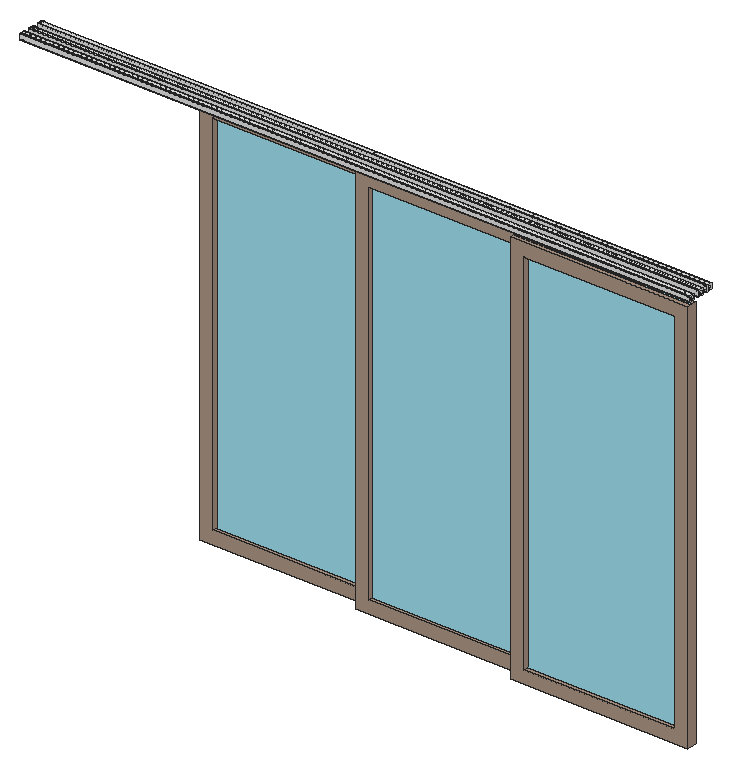
Revit family "Slido 3 Panel Slide SWW3 XRDLP", category Doors, host Wall, Revit 2016
Family settings
  Host = Wall
  Always vertical = Yes
  Cut with Voids When Loaded = No
  Shared = No
  Room Calculation Point = No
Parameters (values of type "78 1/2" x 94 3/8"")
  URL = "www.raydoor.com"
  Type Image = SWW3.jpg
  Trim GC [instance] = no
  Thickness = 2 1/4"  # constant formula
  Rough Width = 1"  # constant formula
  Rough Height = 1/2"  # constant formula
  Model = "SWW3"
  Function = Interior
  Door Material = Door - Panel
  Panel Material = Glass, Cast, Gray
  Height = 94 3/8"
  Trim Projection Ext = 63/64"  # constant formula
  Typ = 3"  # constant formula
  Wall Closure = By host
  Width = 116 1/2"
  Assembly Code = "SWW3 XRDLP"
Reference planes (in)
  plane 1: y = 0
  plane 2: z = 0
  plane 3: x = 0
  plane 4: x = -58.25
  plane 5: x = 58.25
  plane 6: z = 94.375
  plane 7: y = -5.4971
  plane 8: z = 93.1875
  plane 9: x = 55.25
  plane 10: x = 56.75
  plane 11: x = 17.25
  plane 12: x = 18.75
  plane 13: x = 20.25
  plane 14: x = -20.75
  plane 15: x = -19.25
  plane 16: x = -17.75
  plane 17: y = -8.24257
  plane 18: x = -57.25
  plane 19: y = -3.2471
  plane 20: x = -58.75
  plane 21: x = -55.75
  plane 22: x = -95.25
  plane 23: x = -96.75
  plane 24: x = -93.75
  plane 25: y = -10.49257
  plane 26: y = -5.7471
  plane 27: y = -7.9971
  plane 28: z = 92.375
Forms (in)
  Extrusion 1, solid, material "Door - Panel" <- "Door Material"
    sketch origin (-140.00001, -2.99773, 0.25) x (1, 0, 0) y (0, 0, 1)
      loop
        line (81.25001, 92.125) -> (81.25001, 0.5) -> (122.25001, 0.5) -> (122.25001, 92.125) -> (81.25001, 92.125)
      loop
        line (84.25001, 89.125) -> (84.25001, 3.5) -> (119.25001, 3.5) -> (119.25001, 89.125) -> (84.25001, 89.125)
    from 0.25101 to 2.49937
  Extrusion 2, solid, material "Glass, Cast, Gray" <- "Panel Material"
    sketch origin (-140.00001, -15.26431, 0.25) x (1, 0, 0) y (0, 0, 1)
      loop
        line (81.25001, 92.125) -> (81.25001, 1.375) -> (122.25001, 1.375) -> (122.25001, 92.125) -> (81.25001, 92.125)
    from -11.01557 to -10.76721
  Extrusion 3, solid, material "Door - Panel" <- "Door Material", visible <- "Trim GC"
    sketch origin (-72.24213, -3.10465, -17.28113) x (1, 0, 0) y (0, 0, 1)
      loop
        line (-24.50787, 108.40613) -> (130.49213, 108.40613) -> (130.49213, 111.65613) -> (-24.50787, 111.65613) -> (-24.50787, 108.40613)
    from 7.38792 to 7.63754
  Extrusion 4, solid, material "UHMW, White"
    sketch origin (0, 37.0452, -9.0893) x (0, 1, 0) y (0, 0, 1)
      loop
        line (-41.24257, 103.37055) -> (-41.24257, 103.28596) -> (-41.18329, 103.28596) -> (-41.18329, 103.37055) -> (-41.00941, 103.37055) -> (-41.00941, 103.24091) -> (-40.87505, 103.22916) -> (-40.87505, 102.36784) -> (-40.90667, 102.24985) -> (-41.12401, 102.23084) -> (-41.12401, 102.15084) -> (-40.9261, 102.15084)
        arc (-40.9261, 102.15084) -> (-40.88421, 102.17182) -> (-40.84232, 102.15084) r 0.0523
        arc (-40.84232, 102.15084) -> (-40.81517, 102.16209) -> (-40.80392, 102.18925) r 0.0384
        line (-40.80392, 102.18925) -> (-40.80392, 103.34523) -> (-40.84344, 103.34523)
        arc (-40.84344, 103.34523) -> (-40.90864, 103.30759) -> (-40.90864, 103.38288) r 0.04347
        line (-40.90864, 103.38288) -> (-40.90864, 103.4643) -> (-41.93215, 103.4643) -> (-41.93215, 103.38288)
        arc (-41.93215, 103.38288) -> (-41.93215, 103.30759) -> (-41.99735, 103.34523) r 0.04347
        line (-41.99735, 103.34523) -> (-42.03687, 103.34523) -> (-42.03687, 102.18925)
        arc (-42.03687, 102.18925) -> (-42.02562, 102.16209) -> (-41.99846, 102.15084) r 0.0384
        arc (-41.99846, 102.15084) -> (-41.95658, 102.17182) -> (-41.91469, 102.15084) r 0.0523
        line (-41.91469, 102.15084) -> (-41.71678, 102.15084) -> (-41.71678, 102.23084) -> (-41.93412, 102.24985) -> (-41.96574, 102.36784) -> (-41.96574, 103.22916) -> (-41.83138, 103.24091) -> (-41.83138, 103.37055) -> (-41.6575, 103.37055) -> (-41.6575, 103.28596) -> (-41.59822, 103.28596) -> (-41.59822, 103.37055) -> (-41.24257, 103.37055)
    from -96.75 to 58.25
  Extrusion 5, void
    sketch origin (-140.00001, -15.26431, -90.75) x (1, 0, 0) y (0, 0, 1)
      loop
        line (122.25001, 92.375) -> (81.25001, 92.375) -> (81.25001, 91.25) -> (122.25001, 91.25) -> (122.25001, 92.375)
    from -11.01557 to -10.76721
  Extrusion 6, solid, material "UHMW, White"
    sketch origin (-41.44048, -3.86344, 94.375) x (0, -1, 0) y (1, 0, 0)
      loop
        circle (0.50948, 22.19048) r 0.125
    from -2 to -0.09375
  Extrusion 7, solid, material "Door - Panel" <- "Door Material"
    sketch origin (-99, -5.24836, 0.25) x (1, 0, 0) y (0, 0, 1)
      loop
        line (78.25, 92.125) -> (78.25, 0.5) -> (119.25, 0.5) -> (119.25, 92.125) -> (78.25, 92.125)
      loop
        line (81.25, 89.125) -> (81.25, 3.5) -> (116.25, 3.5) -> (116.25, 89.125) -> (81.25, 89.125)
    from 0.49874 to 2.74874
  Extrusion 8, solid, material "Glass, Cast, Gray" <- "Panel Material"
    sketch origin (-99, -17.76267, 0.25) x (1, 0, 0) y (0, 0, 1)
      loop
        line (78.25, 92.125) -> (78.25, 1.375) -> (119.25, 1.375) -> (119.25, 92.125) -> (78.25, 92.125)
    from -11.01557 to -10.76721
  Extrusion 9, void
    sketch origin (-181.00001, -17.51267, -90.75) x (1, 0, 0) y (0, 0, 1)
      loop
        line (160.25001, 92.375) -> (160.25001, 91.25) -> (201.25001, 91.25) -> (201.25001, 92.375) -> (160.25001, 92.375)
    from -10.76557 to -10.51721
  Extrusion 10, solid, material "UHMW, White"
    sketch origin (0, 34.79684, -9.0893) x (0, 1, 0) y (0, 0, 1)
      loop
        line (-41.49112, 103.37055) -> (-41.49112, 103.28596) -> (-41.43184, 103.28596) -> (-41.43184, 103.37055) -> (-41.25796, 103.37055) -> (-41.25796, 103.24091) -> (-41.1236, 103.22916) -> (-41.1236, 102.36784) -> (-41.15522, 102.24985) -> (-41.37257, 102.23084) -> (-41.37257, 102.15084) -> (-41.17465, 102.15084)
        arc (-41.17465, 102.15084) -> (-41.13276, 102.17182) -> (-41.09088, 102.15084) r 0.0523
        arc (-41.09088, 102.15084) -> (-41.06372, 102.16209) -> (-41.05247, 102.18925) r 0.0384
        line (-41.05247, 102.18925) -> (-41.05247, 103.34523) -> (-41.09199, 103.34523)
        arc (-41.09199, 103.34523) -> (-41.15719, 103.30759) -> (-41.15719, 103.38288) r 0.04347
        line (-41.15719, 103.38288) -> (-41.15719, 103.4643) -> (-42.1807, 103.4643) -> (-42.1807, 103.38288)
        arc (-42.1807, 103.38288) -> (-42.1807, 103.30759) -> (-42.2459, 103.34523) r 0.04347
        line (-42.2459, 103.34523) -> (-42.28542, 103.34523) -> (-42.28542, 102.18925)
        arc (-42.28542, 102.18925) -> (-42.27417, 102.16209) -> (-42.24702, 102.15084) r 0.0384
        arc (-42.24702, 102.15084) -> (-42.20513, 102.17182) -> (-42.16324, 102.15084) r 0.0523
        line (-42.16324, 102.15084) -> (-41.96533, 102.15084) -> (-41.96533, 102.23084) -> (-42.18267, 102.24985) -> (-42.21429, 102.36784) -> (-42.21429, 103.22916) -> (-42.07993, 103.24091) -> (-42.07993, 103.37055) -> (-41.90605, 103.37055) -> (-41.90605, 103.28596) -> (-41.84678, 103.28596) -> (-41.84678, 103.37055) -> (-41.49112, 103.37055)
    from -96.75 to 58.25
  Extrusion 11, solid, material "UHMW, White"
    sketch origin (-92.86615, -16.6853, 94.375) x (0, -1, 0) y (1, 0, 0)
      loop
        circle (-9.8132, 111.61615) r 0.125
    from -2 to 0
  Extrusion 12, solid, material "Door - Panel" <- "Door Material"
    sketch origin (-57.99999, -7.74219, 0.25) x (1, 0, 0) y (0, 0, 1)
      loop
        line (75.24999, 92.125) -> (75.24999, 0.5) -> (116.24999, 0.5) -> (116.24999, 92.125) -> (75.24999, 92.125)
      loop
        line (78.24999, 89.125) -> (78.24999, 3.5) -> (113.24999, 3.5) -> (113.24999, 89.125) -> (78.24999, 89.125)
    from 0.50038 to 2.75038
  Extrusion 13, solid, material "Glass, Cast, Gray" <- "Panel Material"
    sketch origin (-57.99999, -20.0065, 0.25) x (1, 0, 0) y (0, 0, 1)
      loop
        line (75.24999, 92.125) -> (75.24999, 1.375) -> (116.24999, 1.375) -> (116.24999, 92.125) -> (75.24999, 92.125)
    from -10.76393 to -10.51557
  Extrusion 14, void
    sketch origin (-140, -20.0065, -90.75) x (1, 0, 0) y (0, 0, 1)
      loop
        line (157.25, 92.375) -> (157.25, 91.5) -> (198.25, 91.5) -> (198.25, 92.375) -> (157.25, 92.375)
    from -10.76393 to -10.51557
  Extrusion 15, solid, material "UHMW, White"
    sketch origin (-92.86615, -18.93366, 94.375) x (0, -1, 0) y (1, 0, 0)
      loop
        circle (-9.56074, 149.61616) r 0.125
    from -2 to 0
  Extrusion 16, solid, material "UHMW, White"
    sketch origin (0, 32.54848, -9.0893) x (0, 1, 0) y (0, 0, 1)
      loop
        line (-41.74358, 103.37055) -> (-41.74358, 103.28596) -> (-41.6843, 103.28596) -> (-41.6843, 103.37055) -> (-41.51042, 103.37055) -> (-41.51042, 103.24091) -> (-41.37606, 103.22916) -> (-41.37606, 102.36784) -> (-41.38604, 102.25175) -> (-41.62502, 102.23084) -> (-41.62502, 102.15084) -> (-41.42711, 102.15084)
        arc (-41.42711, 102.15084) -> (-41.38522, 102.17182) -> (-41.34333, 102.15084) r 0.0523
        arc (-41.34333, 102.15084) -> (-41.31618, 102.16209) -> (-41.30493, 102.18925) r 0.0384
        line (-41.30493, 102.18925) -> (-41.30493, 103.34523) -> (-41.34445, 103.34523)
        arc (-41.34445, 103.34523) -> (-41.40965, 103.30759) -> (-41.40965, 103.38288) r 0.04347
        line (-41.40965, 103.38288) -> (-41.40965, 103.4643) -> (-42.43316, 103.4643) -> (-42.43316, 103.38288)
        arc (-42.43316, 103.38288) -> (-42.43316, 103.30759) -> (-42.49836, 103.34523) r 0.04347
        line (-42.49836, 103.34523) -> (-42.53788, 103.34523) -> (-42.53788, 102.18925)
        arc (-42.53788, 102.18925) -> (-42.52663, 102.16209) -> (-42.49948, 102.15084) r 0.0384
        arc (-42.49948, 102.15084) -> (-42.45759, 102.17182) -> (-42.4157, 102.15084) r 0.0523
        line (-42.4157, 102.15084) -> (-42.21779, 102.15084) -> (-42.21779, 102.23084) -> (-42.45677, 102.25175) -> (-42.46675, 102.36784) -> (-42.46675, 103.22916) -> (-42.33239, 103.24091) -> (-42.33239, 103.37055) -> (-42.15851, 103.37055) -> (-42.15851, 103.28596) -> (-42.09923, 103.28596) -> (-42.09923, 103.37055) -> (-41.74358, 103.37055)
    from -96.75 to 58.25
Cuts and joins
  Extrusion 5, Extrusion 9 cuts Extrusion 1
  Extrusion 9 cuts Extrusion 2
  Extrusion 9, Extrusion 14 cuts Extrusion 7
  Extrusion 9, Extrusion 14 cuts Extrusion 8
  Extrusion 14 cuts Extrusion 12
  Extrusion 14 cuts Extrusion 13
Lines and regions (in)
  Opening 1
    outline origin (-60, -2.99773, 144) x (0, 0, -1) y (1, 0, 0)
      loop
        line (49.625, 1.75) -> (144, 1.75) -> (144, 118.25) -> (49.625, 118.25) -> (49.625, 1.75)
  Masking region 1
    outline origin (-7.24693, 27.04592, 0) x (1, 0, 0) y (0, 1, 0)
      loop
        line (-48.50307, -35.04303) -> (-48.50307, -32.79303) -> (-89.50307, -32.79303) -> (-89.50307, -35.04303) -> (-48.50307, -35.04303)
  Masking region 2
    outline origin (-7.24693, 29.28975, 0) x (1, 0, 0) y (0, 1, 0)
      loop
        line (-48.50307, -34.78685) -> (-48.50307, -32.53685) -> (-89.50307, -32.53685) -> (-89.50307, -34.78685) -> (-48.50307, -34.78685)
  Masking region 3
    outline origin (-7.24693, 16.04592, 0) x (1, 0, 0) y (0, 1, 0)
      loop
        line (-48.50307, -26.53849) -> (-48.50307, -24.28849) -> (-89.50307, -24.28849) -> (-89.50307, -26.53849) -> (-48.50307, -26.53849)
  symbolic lines, style "Elevation Swing"
    curve 1: line (-11.12554, 0, 37.98833) -> (9.87445, 0, 37.98833)
    curve 2: line (10.37445, 0, 32.79755) -> (-11.62554, 0, 32.79755)
    curve 3: line (-11.12554, 0, 37.98833) -> (-5.92939, 0, 40.98833)
    curve 4: line (2.1783, 0, 29.79755) -> (10.37445, 0, 32.79755)
  symbolic lines, style "Plan Swing"
    curve 5: line (10.625, -14.80176, 0) -> (-6.125, -14.80176, 0)
    curve 6: line (-6.125, -14.80176, 0) -> (-4.00368, -12.68044, 0)
    curve 7: line (10.625, -16.32074, 0) -> (-6.125, -16.32074, 0)
    curve 8: line (8.50368, -18.44206, 0) -> (10.625, -16.32074, 0)
  model lines
    curve 9: line (-58.25, 3.00227, 0) -> (58.25, 3.00227, 0)
Dimensions and locks (in)
  equal spacing: plane 4, plane 3, plane 5
  "Width": plane 4 to plane 5
  "Height": plane 6 to plane 2
  locked: host wall to plane 19 at 0.24937
  locked: plane 6 to plane 8 at 1.1875
  plane 6 to Extrusion 1 = 2"
  "Typ": Extrusion 1 sketch curve to Extrusion 1 sketch curve  (x2)
  locked: Extrusion 2 to plane 7 at 1
  locked: Extrusion 2 to Extrusion 2 at 0.24836
  locked: Extrusion 1 to Extrusion 2 at 1
  Extrusion 1 to plane 4 = 1/2"
  plane 6 to Extrusion 3 = 3 1/4"
  Extrusion 3 to plane 7 = 5.24508"
  Extrusion 1 to Extrusion 1 = 2.24836"
  Extrusion 3 to plane 7 = 4.99547"
  locked: Extrusion 2 sketch curve to Extrusion 1 at 0.875
  locked: Extrusion 5 to Extrusion 5 at 0.24836
  equal spacing: plane 9, plane 10, plane 5, locked at 1.5 each
  "Typ": plane 9 to plane 5
  equal spacing: plane 11, plane 12, plane 13, locked at 1.5 each
  "Typ": plane 11 to plane 13
  equal spacing: plane 14, plane 15, plane 16, locked at 1.5 each
  "Typ": plane 14 to plane 16
  "Typ": Extrusion 7 sketch curve to Extrusion 7 sketch curve  (x2)
  locked: Extrusion 8 to Extrusion 8 at 0.24836
  locked: Extrusion 7 to Extrusion 8 at 1
  locked: Extrusion 8 sketch curve to Extrusion 7 at 0.875
  locked: Extrusion 9 to Extrusion 9 at 0.24836
  "Thickness": plane 26 to plane 27
  locked: Extrusion 6 sketch curve to plane 16 at 1.375
  locked: Extrusion 11 sketch curve to plane 17 at 1.49547
  locked: plane 11 to Extrusion 11 sketch curve at 1.625
  locked: Extrusion 6 sketch curve to plane 7 at 0.99918
  "Thickness": plane 19 to plane 7
  "Typ": plane 20 to plane 21
  equal spacing: plane 20, plane 18, plane 21, locked at 1.5 each
  "Typ": plane 23 to plane 24
  equal spacing: plane 23, plane 22, plane 24, locked at 1.5 each
  "Thickness": plane 17 to plane 25
  "Typ": Extrusion 12 sketch curve to Extrusion 12 sketch curve  (x2)
  locked: Extrusion 13 to Extrusion 13 at 0.24836
  locked: Extrusion 12 to Extrusion 13 at 1
  locked: Extrusion 13 sketch curve to Extrusion 12 at 0.875
  locked: Extrusion 14 to Extrusion 14 at 0.24836
  locked: cut or joined group of Extrusion 12, Extrusion 14 to Extrusion 15 sketch curve at 1.24465
  locked: Extrusion 15 sketch curve to plane 5 at 1.375
  locked: plane 7 to plane 26 at 0.25
  locked: plane 27 to plane 17 at 0.24547
  equal spacing: plane 22, plane 18, plane 15, plane 12, plane 10
  "Rough Height": plane 20 to plane 4
  plane 26 to plane 27 = 2 1/4"
  plane 17 to plane 25 = 2 1/4"
  plane 7 to plane 26 = 1/4"
  plane 27 to plane 17 = 0.24547"
  host wall to plane 19 = 0.24937"
  cut or joined group of Extrusion 1, Extrusion 5, Extrusion 9 to cut or joined group of Extrusion 12, Extrusion 14 = 7.24383"
  Extrusion 4 to Extrusion 4 = 1.23295"
  Extrusion 10 to Extrusion 10 = 1.23295"
  Extrusion 16 to Extrusion 16 = 1.23295"
  Extrusion 16 to plane 6 = 1.31346"
  cut or joined group of Extrusion 12, Extrusion 14 to level = 3/4"
  plane 28 to plane 6 = 2"
  diameter of Extrusion 6 sketch curve = 1/4"
  diameter of Extrusion 11 sketch curve = 1/4"
  diameter of Extrusion 15 sketch curve = 1/4"
  aligned and locked: Extrusion 1 to Extrusion 2
  aligned and locked: plane 5 to curve 9
  aligned and locked: Extrusion 3 to plane 6
  aligned and locked: Extrusion 1 to plane 7
  aligned and locked: Opening 1 sketch curve to plane 5
  aligned and locked: Opening 1 sketch curve to plane 4
  aligned and locked: Extrusion 6 to Extrusion 4
  aligned and locked: cut or joined group of Extrusion 1, Extrusion 5, Extrusion 9 to Extrusion 2
  aligned and locked: Extrusion 2 to cut or joined group of Extrusion 1, Extrusion 5, Extrusion 9
  aligned and locked: Extrusion 7 to Extrusion 8
  aligned and locked: Extrusion 7 to Extrusion 9
  aligned and locked: plane 14 to Extrusion 7
  aligned and locked: plane 14 to Extrusion 8
  aligned and locked: cut or joined group of Extrusion 7, Extrusion 9, Extrusion 14 to plane 16
  aligned and locked: cut or joined group of Extrusion 1, Extrusion 5, Extrusion 9 to Masking region 2
  aligned and locked: Masking region 2 to plane 7
  aligned and locked: Extrusion 3 to plane 5
  aligned and locked: Extrusion 11 to plane 6
  aligned and locked: plane 19 to cut or joined group of Extrusion 1, Extrusion 5, Extrusion 9
  aligned and locked: plane 23 to Masking region 2
  aligned and locked: Masking region 2 to plane 21
  aligned and locked: plane 23 to Masking region 1
  aligned and locked: Masking region 1 to plane 21
  aligned and locked: plane 17 to Masking region 3
  aligned and locked: Masking region 3 to plane 25
  aligned and locked: Masking region 3 to plane 21
  aligned and locked: plane 23 to Masking region 3
  aligned and locked: plane 20 to cut or joined group of Extrusion 2, Extrusion 9
  aligned and locked: plane 20 to cut or joined group of Extrusion 1, Extrusion 5, Extrusion 9
  aligned and locked: cut or joined group of Extrusion 1, Extrusion 5, Extrusion 9 to plane 21
  aligned and locked: plane 14 to cut or joined group of Extrusion 1, Extrusion 5, Extrusion 9
  aligned and locked: cut or joined group of Extrusion 1, Extrusion 5, Extrusion 9 to plane 16
  aligned and locked: cut or joined group of Extrusion 2, Extrusion 9 to plane 16
  aligned and locked: plane 20 to Extrusion 5
  aligned and locked: Extrusion 1 to Extrusion 5
  aligned and locked: Extrusion 12 to Extrusion 13
  aligned and locked: Extrusion 12 to Extrusion 14  (x2)
  aligned and locked: plane 17 to cut or joined group of Extrusion 12, Extrusion 14
  aligned and locked: cut or joined group of Extrusion 12, Extrusion 14 to plane 25
  aligned and locked: plane 25 to Extrusion 3
  aligned and locked: Extrusion 15 to plane 6
  aligned and locked: Extrusion 14 to cut or joined group of Extrusion 13, Extrusion 14
  aligned and locked: plane 11 to cut or joined group of Extrusion 12, Extrusion 14
  aligned and locked: cut or joined group of Extrusion 12, Extrusion 14 to plane 13
  aligned and locked: plane 11 to cut or joined group of Extrusion 13, Extrusion 14
  aligned and locked: Extrusion 14 to plane 5
  aligned and locked: cut or joined group of Extrusion 12, Extrusion 14 to plane 5
  aligned and locked: cut or joined group of Extrusion 13, Extrusion 14 to plane 5
  aligned and locked: plane 9 to cut or joined group of Extrusion 12, Extrusion 14
  aligned and locked: plane 23 to Extrusion 3
  aligned and locked: Extrusion 16 to plane 5
  aligned and locked: plane 23 to Extrusion 16
  aligned and locked: Extrusion 10 to plane 5
  aligned and locked: Extrusion 4 to plane 5
  aligned and locked: plane 23 to Extrusion 10
  aligned and locked: plane 23 to Extrusion 4
  aligned and locked: plane 26 to Extrusion 7
  aligned and locked: plane 26 to Masking region 1
  aligned and locked: cut or joined group of Extrusion 7, Extrusion 9, Extrusion 14 to plane 27
  aligned and locked: Masking region 1 to plane 27
  aligned and locked: cut or joined group of Extrusion 7, Extrusion 9, Extrusion 14 to cut or joined group of Extrusion 8, Extrusion 9, Extrusion 14  (x2)
  aligned and locked: cut or joined group of Extrusion 1, Extrusion 5, Extrusion 9 to cut or joined group of Extrusion 2, Extrusion 9
  aligned and locked: cut or joined group of Extrusion 1, Extrusion 5, Extrusion 9 to plane 28
  aligned and locked: cut or joined group of Extrusion 7, Extrusion 9, Extrusion 14 to plane 28
  aligned and locked: cut or joined group of Extrusion 12, Extrusion 14 to plane 28
  aligned and locked: plane 28 to Extrusion 15
  aligned and locked: plane 28 to Extrusion 11
  aligned and locked: plane 28 to Extrusion 6
Automatic sketch dimensions
  curve 3 to plane 16 = 6.62446"
  level to curve 3 = 37.98833"
  plane 11 to curve 4 = 6.87555"
  curve 1 to curve 4 = 5.19077"
  curve 3 to plane 3 = 5.92939"
  curve 3 to curve 1 = 3"
  plane 3 to curve 4 = 2.1783"
  curve 2 to curve 4 = 3"
  curve 2 to curve 1 = 1/2"
  curve 1 to curve 2 = 1/2"
  Opening 1 sketch curve to plane 6 = 0"
  Opening 1 sketch curve to level = 0"
  plane 20 to Extrusion 1 sketch curve = 0"
  plane 21 to Extrusion 1 sketch curve = 0"
  plane 14 to Extrusion 1 sketch curve = 0"
  plane 16 to Extrusion 1 sketch curve = 0"
  Extrusion 1 sketch curve to plane 28 = 0"
  level to Extrusion 1 sketch curve = 3 3/4"
  curve 5 to plane 3 = 6 1/8"
  plane 11 to curve 7 = 6 5/8"
  curve 7 to plane 25 = 5.82817"
  curve 7 to curve 6 = 1.51898"
  curve 7 to curve 5 = 0"
  curve 5 to curve 6 = 2.12132"
  curve 8 to curve 7 = 2.12132"  (x2)
  curve 5 to curve 7 = 0"
  curve 6 to plane 25 = 2.18787"
  plane 20 to Extrusion 2 sketch curve = 0"
  plane 16 to Extrusion 2 sketch curve = 0"
  Extrusion 2 sketch curve to plane 28 = 0"
  curve 9 to level = 0"
  plane 4 to curve 9 = 0"
  Masking region 1 sketch curve to plane 23 = 0"
  Masking region 1 sketch curve to plane 21 = 0"
  Masking region 1 sketch curve to plane 27 = 0"
  Masking region 1 sketch curve to plane 26 = 0"
  Extrusion 3 sketch curve to plane 6 = 0"
  plane 23 to Extrusion 3 sketch curve = 0"
  plane 5 to Extrusion 3 sketch curve = 0"
  plane 28 to Extrusion 3 sketch curve = 1 1/4"
  plane 6 to Extrusion 4 sketch curve = 0"
  plane 6 to Extrusion 4 sketch curve = 0.11907"  (x2)
  plane 7 to Extrusion 4 sketch curve = 0.50544"
  Extrusion 4 sketch curve to Extrusion 4 sketch curve = 0.0384"  (x2)
  Extrusion 4 sketch curve to Extrusion 4 sketch curve = 0.03952"
  Extrusion 4 sketch curve to plane 8 = 0.09104"  (x2)
  Extrusion 4 sketch curve to Extrusion 4 sketch curve = 0.03273"
  Extrusion 4 sketch curve to Extrusion 4 sketch curve = 0.04189"  (x4)
  Extrusion 4 sketch curve to Extrusion 4 sketch curve = 0.04347"  (x2)
  plane 8 to Extrusion 4 sketch curve = 0.02695"  (x2)
  Extrusion 4 sketch curve to Extrusion 4 sketch curve = 0.06434"
  Extrusion 4 sketch curve to Extrusion 4 sketch curve = 0.02173"  (x2)
  Extrusion 4 sketch curve to Extrusion 4 sketch curve = 0.13436"
  plane 8 to Extrusion 4 sketch curve = 0.04596"  (x2)
  Extrusion 4 sketch curve to Extrusion 4 sketch curve = 0.19792"  (x2)
  Extrusion 4 sketch curve to Extrusion 4 sketch curve = 0.17388"  (x2)
  Extrusion 4 sketch curve to Extrusion 4 sketch curve = 0.05928"  (x2)
  plane 6 to Extrusion 4 sketch curve = 3/32"  (x2)
  Extrusion 4 sketch curve to Extrusion 4 sketch curve = 0.35566"
  plane 8 to Extrusion 4 sketch curve = 0.12596"
  Extrusion 4 sketch curve to Extrusion 4 sketch curve = 0.59276"
  plane 6 to Extrusion 4 sketch curve = 0.22339"
  Extrusion 4 sketch curve to Extrusion 4 sketch curve = 0.10077"
  Extrusion 4 sketch curve to Extrusion 4 sketch curve = 0.01943"
  Extrusion 4 sketch curve to Extrusion 4 sketch curve = 0.03161"
  Extrusion 4 sketch curve to Extrusion 4 sketch curve = 0.03133"
  Extrusion 4 sketch curve to Extrusion 4 sketch curve = 0.13034"
  Extrusion 4 sketch curve to Extrusion 4 sketch curve = 0.08"
  Extrusion 4 sketch curve to Extrusion 4 sketch curve = 0.11608"
  Extrusion 4 sketch curve to Extrusion 4 sketch curve = 0.01175"  (x2)
  Extrusion 4 sketch curve to Extrusion 4 sketch curve = 0.0846"  (x2)
  Extrusion 4 sketch curve to Extrusion 4 sketch curve = 0"
  plane 20 to Extrusion 5 sketch curve = 0"
  plane 16 to Extrusion 5 sketch curve = 0"
  level to Extrusion 5 sketch curve = 1/2"
  Extrusion 5 sketch curve to Extrusion 5 sketch curve = 1 1/8"
  plane 14 to Extrusion 7 sketch curve = 0"
  plane 16 to Extrusion 7 sketch curve = 0"
  Extrusion 7 sketch curve to plane 28 = 0"
  Extrusion 7 sketch curve to plane 11 = 0"
  Extrusion 7 sketch curve to plane 13 = 0"
  level to Extrusion 7 sketch curve = 3 3/4"
  plane 14 to Extrusion 8 sketch curve = 0"
  Extrusion 8 sketch curve to plane 28 = 0"
  Extrusion 8 sketch curve to plane 13 = 0"
  plane 14 to Extrusion 9 sketch curve = 0"
  plane 13 to Extrusion 9 sketch curve = 0"
  level to Extrusion 9 sketch curve = 1/2"
  Extrusion 9 sketch curve to Extrusion 9 sketch curve = 1 1/8"
  Masking region 2 sketch curve to plane 7 = 0"
  Masking region 2 sketch curve to plane 23 = 0"
  Masking region 2 sketch curve to plane 19 = 0"
  Masking region 2 sketch curve to plane 21 = 0"
  plane 6 to Extrusion 10 sketch curve = 0"
  plane 6 to Extrusion 10 sketch curve = 0.11907"  (x2)
  plane 27 to Extrusion 10 sketch curve = 0.50853"
  Extrusion 10 sketch curve to Extrusion 10 sketch curve = 0.0384"  (x2)
  Extrusion 10 sketch curve to Extrusion 10 sketch curve = 0.03952"
  Extrusion 10 sketch curve to plane 8 = 0.09104"  (x2)
  Extrusion 10 sketch curve to Extrusion 10 sketch curve = 0.03273"
  Extrusion 10 sketch curve to Extrusion 10 sketch curve = 0.04189"  (x4)
  Extrusion 10 sketch curve to Extrusion 10 sketch curve = 0.04347"  (x2)
  plane 8 to Extrusion 10 sketch curve = 0.02695"  (x2)
  Extrusion 10 sketch curve to Extrusion 10 sketch curve = 0.06434"
  Extrusion 10 sketch curve to Extrusion 10 sketch curve = 0.02173"  (x2)
  Extrusion 10 sketch curve to Extrusion 10 sketch curve = 0.13436"
  plane 8 to Extrusion 10 sketch curve = 0.04596"  (x2)
  Extrusion 10 sketch curve to Extrusion 10 sketch curve = 0.19792"  (x2)
  Extrusion 10 sketch curve to Extrusion 10 sketch curve = 0.17388"  (x2)
  Extrusion 10 sketch curve to Extrusion 10 sketch curve = 0.05928"  (x2)
  plane 6 to Extrusion 10 sketch curve = 3/32"  (x2)
  Extrusion 10 sketch curve to Extrusion 10 sketch curve = 0.35566"
  plane 8 to Extrusion 10 sketch curve = 0.12596"
  Extrusion 10 sketch curve to Extrusion 10 sketch curve = 0.59276"
  plane 6 to Extrusion 10 sketch curve = 0.22339"
  Extrusion 10 sketch curve to Extrusion 10 sketch curve = 0.10077"
  Extrusion 10 sketch curve to Extrusion 10 sketch curve = 0.01943"
  Extrusion 10 sketch curve to Extrusion 10 sketch curve = 0.03161"
  Extrusion 10 sketch curve to Extrusion 10 sketch curve = 0.03133"
  Extrusion 10 sketch curve to Extrusion 10 sketch curve = 0.13034"
  Extrusion 10 sketch curve to Extrusion 10 sketch curve = 0.08"
  Extrusion 10 sketch curve to Extrusion 10 sketch curve = 0.11608"
  Extrusion 10 sketch curve to Extrusion 10 sketch curve = 0.01175"  (x2)
  Extrusion 10 sketch curve to Extrusion 10 sketch curve = 0.0846"  (x2)
  Extrusion 10 sketch curve to Extrusion 10 sketch curve = 0"
  Masking region 3 sketch curve to plane 23 = 0"
  Masking region 3 sketch curve to plane 17 = 0"
  Masking region 3 sketch curve to plane 21 = 0"
  Masking region 3 sketch curve to plane 25 = 0"
  plane 11 to Extrusion 12 sketch curve = 0"
  plane 13 to Extrusion 12 sketch curve = 0"
  plane 9 to Extrusion 12 sketch curve = 0"
  plane 5 to Extrusion 12 sketch curve = 0"
  Extrusion 12 sketch curve to plane 28 = 0"
  level to Extrusion 12 sketch curve = 3 3/4"
  plane 11 to Extrusion 13 sketch curve = 0"
  plane 5 to Extrusion 13 sketch curve = 0"
  Extrusion 13 sketch curve to plane 28 = 0"
  plane 11 to Extrusion 14 sketch curve = 0"
  plane 5 to Extrusion 14 sketch curve = 0"
  level to Extrusion 14 sketch curve = 3/4"
  Extrusion 14 sketch curve to Extrusion 14 sketch curve = 7/8"
  plane 6 to Extrusion 16 sketch curve = 0"
  plane 6 to Extrusion 16 sketch curve = 0.11907"  (x2)
  plane 25 to Extrusion 16 sketch curve = 0.50317"
  Extrusion 16 sketch curve to Extrusion 16 sketch curve = 0.0384"
  Extrusion 16 sketch curve to Extrusion 16 sketch curve = 0.03952"  (x2)
  Extrusion 16 sketch curve to plane 8 = 0.09104"  (x2)
  Extrusion 16 sketch curve to Extrusion 16 sketch curve = 0.03273"
  Extrusion 16 sketch curve to Extrusion 16 sketch curve = 0.04189"  (x4)
  Extrusion 16 sketch curve to Extrusion 16 sketch curve = 0.04347"  (x2)
  plane 8 to Extrusion 16 sketch curve = 0.02506"  (x2)
  Extrusion 16 sketch curve to Extrusion 16 sketch curve = 0.0427"
  Extrusion 16 sketch curve to Extrusion 16 sketch curve = 0.02173"  (x2)
  Extrusion 16 sketch curve to Extrusion 16 sketch curve = 0.13436"
  plane 8 to Extrusion 16 sketch curve = 0.04596"
  Extrusion 16 sketch curve to Extrusion 16 sketch curve = 0.19792"  (x2)
  Extrusion 16 sketch curve to Extrusion 16 sketch curve = 0.17388"  (x2)
  Extrusion 16 sketch curve to Extrusion 16 sketch curve = 0.05928"  (x2)
  plane 6 to Extrusion 16 sketch curve = 3/32"
  Extrusion 16 sketch curve to Extrusion 16 sketch curve = 0.35566"
  plane 8 to Extrusion 16 sketch curve = 0.12596"
  Extrusion 16 sketch curve to Extrusion 16 sketch curve = 0.59276"
  Extrusion 16 sketch curve to Extrusion 16 sketch curve = 0.10077"
  Extrusion 16 sketch curve to Extrusion 16 sketch curve = 0.04107"
  Extrusion 16 sketch curve to Extrusion 16 sketch curve = 0.00997"
  Extrusion 16 sketch curve to Extrusion 16 sketch curve = 0.03133"  (x2)
  Extrusion 16 sketch curve to Extrusion 16 sketch curve = 0.08"
  plane 6 to Extrusion 16 sketch curve = 0.23515"
  Extrusion 16 sketch curve to Extrusion 16 sketch curve = 0.11608"
  Extrusion 16 sketch curve to Extrusion 16 sketch curve = 0.01175"  (x2)
  Extrusion 16 sketch curve to Extrusion 16 sketch curve = 0.0846"  (x2)
  Extrusion 16 sketch curve to Extrusion 16 sketch curve = 0"  (x2)
  Extrusion 16 sketch curve to Extrusion 16 sketch curve = 0.13223"
